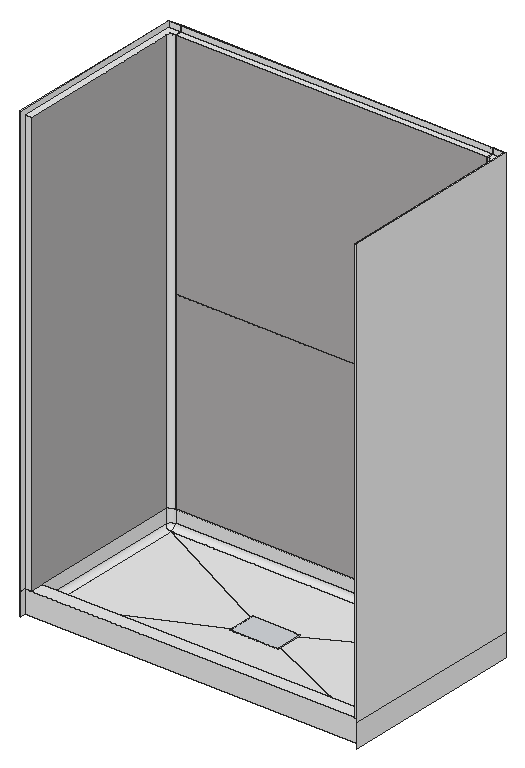
Revit family "5LRS6032FBSQ.V2", category Plumbing Fixtures, Revit 2019
Family settings
  Round Connector Dimension = Use Diameter
  Part Type = Normal
  OmniClass Number = 23.45.05.14.17
  OmniClass Title = Showers
  Work Plane-Based = No
  Always vertical = Yes
  Cut with Voids When Loaded = No
  Shared = No
  Room Calculation Point = No
Parameters (values of type "5LRS6032FBSQ.V2")
  Unit Width = 60"
  Unit Height = 80 1/2"
  Unit Depth = 33"
  URL = "http://www.bestbath.com/"
  Type Comments = "Remodeler"
  Model = "5LRS6032FBSQ.V2"
  Material [instance] = Best Bath Gelcoat Fiberglass - Diamond Tile
  Manufacturer = "Best Bath Systems, Inc."
  Keynote = "22 40 00.B3"
  Description = "Real Tile Finish"
  Assembly Code = "D2010710"
Reference planes (in)
  plane 1 "Back": y = -0.5
  plane 2: z = 0
  plane 3 "Left": x = 0
  plane 4: x = 60
  plane 5: y = -32.5
  plane 6: z = 79.5
  plane 7: z = 0.75
  plane 8: z = 80.5
  plane 9: x = 30
  plane 10: y = -1.75
  plane 11: y = -16.5
  plane 12: z = 0.375
  plane 13: z = 4
  plane 14: z = 38.25
  plane 15: y = -33.5
  plane 16: z = 42.25
Forms (in)
  Extrusion 1, solid, material "Best Bath Gelcoat Fiberglass - Smooth"
    sketch origin (0, 0, 0) x (1, 0, 0) y (0, 1, 0)
      loop
        line (0, -0.5) -> (0, -32.5) -> (60, -32.5) -> (60, -0.5) -> (0, -0.5)
    from 0 to 0.75
  Extrusion 2, solid, material "Best Bath Gelcoat Fiberglass - Smooth"
    sketch origin (0, 0, 0) x (1, 0, 0) y (0, 1, 0)
      loop
        line (1.25, -0.5) -> (1.25, -1.75) -> (57.75, -1.75) -> (57.75, -0.5) -> (1.25, -0.5)
    from 4 to 38.25
  Extrusion 3, solid, material "Best Bath Gelcoat Fiberglass - Smooth"
    sketch origin (0, 0, 0) x (1, 0, 0) y (0, 1, 0)
      loop
        line (0, -32.5) -> (1.25, -32.5) -> (1.25, -2.75)
        arc (1.25, -2.75) -> (1.54289, -2.04289) -> (2.25, -1.75) r 1
        line (2.25, -1.75) -> (57.75, -1.75)
        arc (57.75, -1.75) -> (58.45711, -2.04289) -> (58.75, -2.75) r 1
        line (58.75, -2.75) -> (58.75, -32.5) -> (60, -32.5) -> (60, -0.5) -> (0, -0.5) -> (0, -32.5)
    from 0 to 4
  Extrusion 4, solid, material "Best Bath Gelcoat Fiberglass - Smooth"
    sketch origin (0, 0, 0) x (1, 0, 0) y (0, 1, 0)
      loop
        line (0, -32.5) -> (1.25, -32.5) -> (1.25, -2.75)
        arc (1.25, -2.75) -> (1.54289, -2.04289) -> (2.25, -1.75) r 1
        line (2.25, -1.75) -> (2.25, -0.5) -> (0, -0.5) -> (0, -32.5)
      loop
        line (58.75, -32.5) -> (60, -32.5) -> (60, -0.5) -> (57.75, -0.5) -> (57.75, -1.75)
        arc (57.75, -1.75) -> (58.45711, -2.04289) -> (58.75, -2.75) r 1
        line (58.75, -2.75) -> (58.75, -32.5)
    from 4 to 79.5
  Sweep 5, solid, material "Best Bath Gelcoat Fiberglass - Smooth"
    path origin (0, 0, 0) x (1, 0, 0) y (0, 1, 0)
      loop
        line (1.25, -32.5) -> (1.25, -2.75)
        arc (1.25, -2.75) -> (1.54289, -2.04289) -> (2.25, -1.75) r 1
        line (2.25, -1.75) -> (57.75, -1.75)
        arc (57.75, -1.75) -> (58.45711, -2.04289) -> (58.75, -2.75) r 1
        line (58.75, -2.75) -> (58.75, -32.5)
    profile origin (1.25, -17.625, 0) x (-1, 0, 0) y (0, 0, 1)
      loop
        line (0, 0.75) -> (0, 1.7)
        arc (0, 1.7) -> (-0.27825, 1.02825) -> (-0.95, 0.75) r 0.95
        line (-0.95, 0.75) -> (0, 0.75)
  Blend 6, void
    base sketch origin (0, 0, 0) x (1, 0, 0) y (0, 1, 0)
      loop
        line (2.25, -29.5) -> (57.75, -29.5) -> (57.75, -2.75) -> (2.25, -2.75) -> (2.25, -29.5)
    top sketch origin (0, 0, 0) x (1, 0, 0) y (0, 1, 0)
      loop
        circle (30, -16.5) r 0.07155
    from 0.75 to 0.375
  Extrusion 7, solid, material "Best Bath Gelcoat Fiberglass - Smooth"
    sketch origin (0, 0, 0) x (1, 0, 0) y (0, 1, 0)
      loop
        line (1.25, -0.5) -> (1.25, -1.75) -> (57.75, -1.75) -> (57.75, -0.5) -> (1.25, -0.5)
    from 38.25 to 79.5
  Sweep 8, solid, material "Best Bath Gelcoat Fiberglass - Smooth"
    path origin (0, 0, 0) x (1, 0, 0) y (0, 1, 0)
      loop
        line (1.25, -32.5) -> (58.75, -32.5)
    profile origin (30, -32.5, 0) x (0, 1, 0) y (0, 0, 1)
      loop
        line (0, 0) -> (3.15, 0) -> (2.35, 4) -> (0, 4) -> (0, 0)
  Extrusion 9, solid, material "Best Bath Gelcoat Fiberglass - Smooth"
    sketch origin (0, 0, 0) x (1, 0, 0) y (0, 1, 0)
      loop
        line (0, -32.5) -> (0, -33.5) -> (0.125, -33.5) -> (0.125, -32.5) -> (0, -32.5)
      loop
        line (60, -32.5) -> (59.875, -32.5) -> (59.875, -33.5) -> (60, -33.5) -> (60, -32.5)
    from 0 to 4
  Extrusion 10, solid, material "Best Bath Gelcoat Fiberglass - Smooth"
    sketch origin (0, 0, 0) x (1, 0, 0) y (0, 1, 0)
      loop
        line (2.25, -0.5) -> (2.25, -0.625) -> (57.75, -0.625) -> (57.75, -0.5) -> (2.25, -0.5)
    from 79.5 to 80.5
  Extrusion 11, solid, material "Best Bath Gelcoat Fiberglass - Smooth"
    sketch origin (0, 0, 0) x (1, 0, 0) y (0, 1, 0)
      loop
        line (0, -33.5) -> (0.125, -33.5) -> (0.125, -0.625) -> (2.25, -0.625) -> (2.25, -0.5) -> (0, -0.5) -> (0, -33.5)
      loop
        line (60, -33.5) -> (60, -0.5) -> (57.75, -0.5) -> (57.75, -0.625) -> (59.875, -0.625) -> (59.875, -33.5) -> (60, -33.5)
    from 4 to 80.5
  Extrusion 12, void
    sketch origin (0, 0, 0.75) x (0, 1, 0) y (1, 0, 0)
      loop
        line (-14, 25.75) -> (-14, 34.25) -> (-19, 34.25) -> (-19, 25.75) -> (-14, 25.75)
    from 0 to 0.5
  Extrusion 13, void
    sketch origin (0, 0, 0.75) x (0, 1, 0) y (1, 0, 0)
      loop
        circle (-16.5, 30) r 1.25
    from 0 to 1
  Extrusion 14, solid
    sketch origin (0, 0, 0.25) x (0, 1, 0) y (-1, 0, 0)
      loop
        line (-14, -25.75) -> (-19, -25.75) -> (-19, -34.25) -> (-14, -34.25) -> (-14, -25.75)
    from 0 to 0.25
Cuts and joins
  Blend 6, Extrusion 12, Extrusion 13 cuts Extrusion 1
  Blend 6, Extrusion 12, Extrusion 13 cuts Extrusion 3
  Blend 6, Extrusion 12, Extrusion 13 cuts Sweep 5
  Extrusion 12, Extrusion 13 cuts Sweep 8
  Extrusion 12, Extrusion 13 cuts Extrusion 9
  joined: Extrusion 1, Extrusion 3, Sweep 5, Sweep 8, Extrusion 9
  joined: Extrusion 7, Extrusion 10
  joined: Extrusion 4, Extrusion 11
Dimensions and locks (in)
  "Unit Width": plane 3 "Left" to plane 4
  locked: plane 7 to level at 0.75
  locked: plane 8 to plane 6 at 1
  "Unit Height": plane 8 to level
  plane 3 "Left" to plane 9 to plane 4 = 30", 30"
  locked: plane 1 "Back" to plane 11 at 16
  plane 10 to plane 1 "Back" = 1 1/4"
  locked: plane 7 to plane 12 at 0.375
  locked: plane 14 to plane 13 at 34.25
  locked: plane 13 to level at 4
  locked: plane 5 to plane 15 at 1
  "Unit Depth": plane 15 to plane 1 "Back"
  locked: plane 16 to plane 13 at 38.25
  aligned and locked: level to plane 2
  aligned and locked: Extrusion 1 to plane 7
  aligned and locked: plane 5 to Extrusion 1 sketch curve
  aligned and locked: plane 4 to Extrusion 1 sketch curve
  aligned and locked: Extrusion 2 sketch curve to Extrusion 1
  aligned and locked: Extrusion 2 sketch curve to plane 10
  aligned and locked: plane 13 to Extrusion 3
  aligned and locked: Extrusion 2 to plane 13
  aligned and locked: Extrusion 4 to Extrusion 2
  aligned and locked: plane 6 to Extrusion 4
  aligned and locked: Sweep 5 sketch curve to plane 7
  aligned and locked: plane 11 to Blend 6 sketch curve
  aligned and locked: plane 9 to Blend 6 sketch curve
  aligned and locked: Blend 6 to plane 12
  aligned and locked: Extrusion 1 to Blend 6
  aligned and locked: plane 14 to Extrusion 2
  aligned and locked: Extrusion 7 to Extrusion 2  (x2)
  aligned and locked: plane 6 to Extrusion 7
  aligned and locked: Extrusion 9 to Extrusion 2
  aligned and locked: plane 8 to Extrusion 10
  aligned and locked: Extrusion 10 to plane 6
  aligned and locked: Extrusion 11 to Extrusion 2
  aligned and locked: plane 8 to Extrusion 11
  aligned and locked: Extrusion 7 to cut or joined group of Extrusion 1, Extrusion 3, Sweep 5, Blend 6, Sweep 8, Extrusion 9, Extrusion 12, Extrusion 13
  aligned and locked: Extrusion 2 to cut or joined group of Extrusion 1, Extrusion 3, Sweep 5, Blend 6, Sweep 8, Extrusion 9, Extrusion 12, Extrusion 13
  aligned and locked: Extrusion 2 to cut or joined group of Extrusion 4, Extrusion 11
  aligned and locked: Extrusion 3 to Sweep 5
Automatic sketch dimensions
  Extrusion 3 sketch curve to plane 3 "Left" = 0"
  Extrusion 3 sketch curve to plane 5 = 0"  (x2)
  Extrusion 3 sketch curve to plane 10 = 0"
  plane 1 "Back" to Extrusion 3 sketch curve = 0"
  Extrusion 3 sketch curve to plane 4 = 0"
  plane 3 "Left" to Extrusion 3 sketch curve = 1 1/4"
  Extrusion 3 sketch curve to plane 10 = 1"
  plane 4 to Extrusion 3 sketch curve = 2 1/4"
  plane 4 to Extrusion 3 sketch curve = 1 1/4"
  Sweep 5 sketch curve to plane 5 = 0"  (x2)
  Sweep 5 sketch curve to plane 10 = 0"
  plane 3 "Left" to Sweep 5 sketch curve = 1 1/4"
  Sweep 5 sketch curve to Sweep 5 sketch curve = 1"
  Sweep 5 sketch curve to plane 10 = 1"
  plane 4 to Sweep 5 sketch curve = 2 1/4"
  Sweep 5 sketch curve to profile plane = 0"
  profile plane to Sweep 5 sketch curve = 0.95"
  Blend 6 sketch curve to plane 10 = 1"
  plane 3 "Left" to Blend 6 sketch curve = 2 1/4"
  plane 4 to Blend 6 sketch curve = 2 1/4"
  plane 5 to Blend 6 sketch curve = 3"
  plane 1 "Back" to Extrusion 7 sketch curve = 0"
  Extrusion 7 sketch curve to plane 10 = 0"
  plane 3 "Left" to Extrusion 7 sketch curve = 1 1/4"
  plane 4 to Extrusion 7 sketch curve = 2 1/4"
  Sweep 8 sketch curve to plane 5 = 0"
  plane 3 "Left" to Sweep 8 sketch curve = 1 1/4"
  plane 4 to Sweep 8 sketch curve = 1 1/4"
  Extrusion 9 sketch curve to plane 3 "Left" = 0"
  Extrusion 9 sketch curve to plane 15 = 0"  (x2)
  Extrusion 9 sketch curve to plane 5 = 0"  (x2)
  Extrusion 9 sketch curve to plane 4 = 0"
  plane 3 "Left" to Extrusion 9 sketch curve = 1/8"
  Extrusion 9 sketch curve to Extrusion 9 sketch curve = 1/8"
  plane 1 "Back" to Extrusion 10 sketch curve = 0"
  plane 1 "Back" to Extrusion 10 sketch curve = 1/8"
  plane 3 "Left" to Extrusion 10 sketch curve = 2 1/4"
  plane 4 to Extrusion 10 sketch curve = 2 1/4"
  Extrusion 11 sketch curve to plane 3 "Left" = 0"
  Extrusion 11 sketch curve to plane 15 = 0"  (x2)
  plane 1 "Back" to Extrusion 11 sketch curve = 0"  (x2)
  Extrusion 11 sketch curve to plane 4 = 0"
  plane 3 "Left" to Extrusion 11 sketch curve = 1/8"
  plane 1 "Back" to Extrusion 11 sketch curve = 1/8"  (x2)
  Extrusion 11 sketch curve to Extrusion 11 sketch curve = 2 1/8"
  Extrusion 11 sketch curve to Extrusion 11 sketch curve = 2 1/4"
  Extrusion 11 sketch curve to Extrusion 11 sketch curve = 1/8"
  Sweep 8 sketch curve to profile plane = 0"  (x2)
  Sweep 8 sketch curve to profile plane = 2.35"
  Sweep 8 sketch curve to profile plane = 3.15"
  profile plane to Sweep 8 sketch curve = 4"
  Extrusion 1 sketch curve to plane 3 "Left" = 0"
  plane 1 "Back" to Extrusion 1 sketch curve = 0"
  Extrusion 12 sketch curve to Extrusion 1 = 25 3/4"
  Extrusion 12 sketch curve to Extrusion 12 sketch curve = 8 1/2"
  Extrusion 12 sketch curve to Extrusion 1 = 13 1/2"
  Extrusion 12 sketch curve to Extrusion 12 sketch curve = 5"
  Extrusion 13 sketch curve to Extrusion 1 = 16"
  Extrusion 13 sketch curve to Extrusion 1 = 30"
  Extrusion 14 sketch curve to Extrusion 12 = 0"  (x4)
  plane 3 "Left" to Extrusion 2 sketch curve = 1 1/4"
  plane 4 to Extrusion 2 sketch curve = 2 1/4"
  plane 1 "Back" to Extrusion 4 sketch curve = 0"  (x2)
  Extrusion 4 sketch curve to plane 3 "Left" = 0"
  Extrusion 4 sketch curve to plane 5 = 0"  (x2)
  Extrusion 4 sketch curve to plane 10 = 0"  (x2)
  Extrusion 4 sketch curve to plane 4 = 0"
  plane 3 "Left" to Extrusion 4 sketch curve = 1 1/4"
  Extrusion 4 sketch curve to plane 10 = 1"  (x2)
  plane 4 to Extrusion 4 sketch curve = 2 1/4"
  radius of Blend 6 sketch curve = 0.07155"
  radius of Extrusion 13 sketch curve = 1 1/4"
